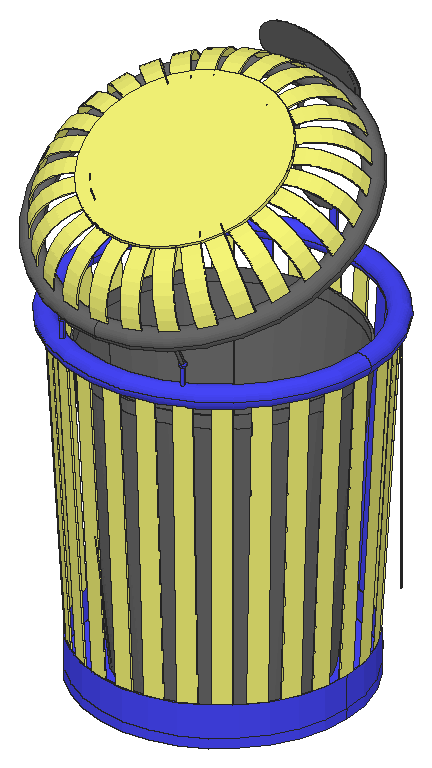
Revit family "FS_Урна_Миньон_R16", category Антураж, Revit 2016
Family settings
  На основе рабочей плоскости = Нет
  Всегда вертикально = Да
  При загрузке вырезать с полостями = Нет
  Источник визуального образа = Геометрия семейства
  Общий = Нет
  Точка расчета площади = Нет
Parameters (values of type "Урна «Миньон»")
  Стоимость = 21100
  Материал_Темный = FS_Краска черная
  Материал_Синий = FS_Краска синяя
  Материал_Основной = FS_Краска желтая
  Материал_Красный = FS_Краска красная
  Материал_Белый = FS_Краска белая
  Комментарии к типоразмеру = "Материал: сталь"  # constant formula
  Изготовитель = "ООО 'Хоббика'"  # constant formula
  Высота = 882 mm  # constant formula
  URL = "https://hobbyka.ru/product/urna_dlya_detskikh_ploshchadok_minyen/?sphrase_id=95739#close_popup_window"
  ADSK_Наименование = "Урна «Миньон»"
  ADSK_Код изделия = "10073"  # constant formula
Reference planes
  plane 1 "По центру (Вперед/Назад)": y = 0
  plane 2: z = 0
  plane 3 "По центру (Влево/Вправо)": x = 0
  plane 4: z = 40
  plane 5: z = 90
  plane 6: z = 553
  plane 7 "1": z = 585
  plane 8: x = -75
  plane 9: x = 75
  plane 10 "Крышка": through (4267.2, -290, 628.887) normal (0, -0.4226, 0.9063)
  plane 11 "555": y = 234.373
Forms (mm)
  Revolve 1, solid, material "FS_Краска синяя" <- "Материал_Синий"
    sketch origin (0, 0, 0) x (1, 0, 0) y (0, 0, 1)
      loop
        line (0, 40) -> (208, 40) -> (208, 25) -> (210, 25) -> (210, 40) -> (210, 90) -> (208, 90) -> (208, 42) -> (0, 42) -> (0, 40)
      axis (0, 90) -> (0, 25)
    angle from 0 to 360
  Revolve 2, solid, material "FS_Краска синяя" <- "Материал_Синий"
    sketch origin (0, 0, 0) x (1, 0, 0) y (0, 0, 1)
      loop
        circle (-234, 569) r 16
      axis (0, 569) -> (0, 568)
    angle from 0 to 360
  Sweep 3, solid, material "FS_Краска желтая" <- "Материал_Основной"
    path origin (0, 0, 0) x (1, 0, 0) y (0, 0, 1)
      loop
        arc (234, 553) -> (229.123, 321.028) -> (208, 89.967) r 3308.531
    profile origin (229.123, 0, 321.028) x (0.998427, 0, -0.056063) y (0, -1, 0)
      loop
        line (-1, 14) -> (-1, -14) -> (0, -14) -> (0, 14) -> (-1, 14)
  Sweep 4, solid, material "FS_Краска желтая" <- "Материал_Основной"
    path origin (0, 0, 0) x (0.974928, -0.222521, 0) y (0, 0, 1)
      loop
        arc (234, 553) -> (229.123, 321.028) -> (208, 89.967) r 3308.531
    profile origin (223.378, -50.985, 321.028) x (0.973395, -0.222171, -0.056063) y (-0.222521, -0.974928, 0)
      loop
        line (-1, 14) -> (-1, -14) -> (0, -14) -> (0, 14) -> (-1, 14)
  Sweep 5, solid, material "FS_Краска желтая" <- "Материал_Основной"
    path origin (0, 0, 0) x (0.974928, 0.222521, 0) y (0, 0, 1)
      loop
        arc (234, 553) -> (229.123, 321.028) -> (208, 89.967) r 3308.531
    profile origin (223.378, 50.985, 321.028) x (0.973395, 0.222171, -0.056063) y (0.222521, -0.974928, 0)
      loop
        line (-1, 14) -> (-1, -14) -> (0, -14) -> (0, 14) -> (-1, 14)
  Sweep 6, solid, material "FS_Краска желтая" <- "Материал_Основной"
    path origin (0, 0, 0) x (0.900969, 0.433884, 0) y (0, 0, 1)
      loop
        arc (234, 553) -> (229.123, 321.028) -> (208, 89.967) r 3308.531
    profile origin (206.433, 99.413, 321.028) x (0.899552, 0.433201, -0.056063) y (0.433884, -0.900969, 0)
      loop
        line (-1, 14) -> (-1, -14) -> (0, -14) -> (0, 14) -> (-1, 14)
  Sweep 7, solid, material "FS_Краска желтая" <- "Материал_Основной"
    path origin (0, 0, 0) x (0.781831, 0.62349, 0) y (0, 0, 1)
      loop
        arc (234, 553) -> (229.123, 321.028) -> (208, 89.967) r 3308.531
    profile origin (179.136, 142.856, 321.028) x (0.780602, 0.622509, -0.056063) y (0.62349, -0.781831, 0)
      loop
        line (-1, 14) -> (-1, -14) -> (0, -14) -> (0, 14) -> (-1, 14)
  Sweep 8, solid, material "FS_Краска желтая" <- "Материал_Основной"
    path origin (0, 0, 0) x (0.62349, 0.781831, 0) y (0, 0, 1)
      loop
        arc (234, 553) -> (229.123, 321.028) -> (208, 89.967) r 3308.531
    profile origin (142.856, 179.136, 321.028) x (0.622509, 0.780602, -0.056063) y (0.781831, -0.62349, 0)
      loop
        line (-1, 14) -> (-1, -14) -> (0, -14) -> (0, 14) -> (-1, 14)
  Sweep 9, solid, material "FS_Краска синяя" <- "Материал_Синий"
    path origin (0, 0, 0) x (0.433884, 0.900969, 0) y (0, 0, 1)
      loop
        arc (234, 553) -> (229.123, 321.028) -> (208, 89.967) r 3308.531
    profile origin (99.413, 206.433, 321.028) x (0.433201, 0.899552, -0.056063) y (0.900969, -0.433884, 0)
      loop
        line (-1, 14) -> (-1, -14) -> (0, -14) -> (0, 14) -> (-1, 14)
  Sweep 10, solid, material "FS_Краска желтая" <- "Материал_Основной"
    path origin (0, 0, 0) x (0.222521, 0.974928, 0) y (0, 0, 1)
      loop
        arc (234, 553) -> (229.123, 321.028) -> (208, 89.967) r 3308.531
    profile origin (50.985, 223.378, 321.028) x (0.222171, 0.973395, -0.056063) y (0.974928, -0.222521, 0)
      loop
        line (-1, 14) -> (-1, -14) -> (0, -14) -> (0, 14) -> (-1, 14)
  Sweep 11, solid, material "FS_Краска желтая" <- "Материал_Основной"
    path origin (0, 0, 0) x (0, 1, 0) y (0, 0, 1)
      loop
        arc (234, 553) -> (229.123, 321.028) -> (208, 89.967) r 3308.531
    profile origin (0, 229.123, 321.028) x (0, 0.998427, -0.056063) y (1, 0, 0)
      loop
        line (-1, 14) -> (-1, -14) -> (0, -14) -> (0, 14) -> (-1, 14)
  Sweep 12, solid, material "FS_Краска желтая" <- "Материал_Основной"
    path origin (0, 0, 0) x (-0.222521, 0.974928, 0) y (0, 0, 1)
      loop
        arc (234, 553) -> (229.123, 321.028) -> (208, 89.967) r 3308.531
    profile origin (-50.985, 223.378, 321.028) x (-0.222171, 0.973395, -0.056063) y (0.974928, 0.222521, 0)
      loop
        line (-1, 14) -> (-1, -14) -> (0, -14) -> (0, 14) -> (-1, 14)
  Sweep 13, solid, material "FS_Краска синяя" <- "Материал_Синий"
    path origin (0, 0, 0) x (-0.433884, 0.900969, 0) y (0, 0, 1)
      loop
        arc (234, 553) -> (229.123, 321.028) -> (208, 89.967) r 3308.531
    profile origin (-99.413, 206.433, 321.028) x (-0.433201, 0.899552, -0.056063) y (0.900969, 0.433884, 0)
      loop
        line (-1, 14) -> (-1, -14) -> (0, -14) -> (0, 14) -> (-1, 14)
  Sweep 14, solid, material "FS_Краска желтая" <- "Материал_Основной"
    path origin (0, 0, 0) x (-0.62349, 0.781831, 0) y (0, 0, 1)
      loop
        arc (234, 553) -> (229.123, 321.028) -> (208, 89.967) r 3308.531
    profile origin (-142.856, 179.136, 321.028) x (-0.622509, 0.780602, -0.056063) y (0.781831, 0.62349, 0)
      loop
        line (-1, 14) -> (-1, -14) -> (0, -14) -> (0, 14) -> (-1, 14)
  Sweep 15, solid, material "FS_Краска желтая" <- "Материал_Основной"
    path origin (0, 0, 0) x (-0.781831, 0.62349, 0) y (0, 0, 1)
      loop
        arc (234, 553) -> (229.123, 321.028) -> (208, 89.967) r 3308.531
    profile origin (-179.136, 142.856, 321.028) x (-0.780602, 0.622509, -0.056063) y (0.62349, 0.781831, 0)
      loop
        line (-1, 14) -> (-1, -14) -> (0, -14) -> (0, 14) -> (-1, 14)
  Sweep 16, solid, material "FS_Краска желтая" <- "Материал_Основной"
    path origin (0, 0, 0) x (-0.900969, 0.433884, 0) y (0, 0, 1)
      loop
        arc (234, 553) -> (229.123, 321.028) -> (208, 89.967) r 3308.531
    profile origin (-206.433, 99.413, 321.028) x (-0.899552, 0.433201, -0.056063) y (0.433884, 0.900969, 0)
      loop
        line (-1, 14) -> (-1, -14) -> (0, -14) -> (0, 14) -> (-1, 14)
  Sweep 17, solid, material "FS_Краска желтая" <- "Материал_Основной"
    path origin (0, 0, 0) x (-0.974928, 0.222521, 0) y (0, 0, 1)
      loop
        arc (234, 553) -> (229.123, 321.028) -> (208, 89.967) r 3308.531
    profile origin (-223.378, 50.985, 321.028) x (-0.973395, 0.222171, -0.056063) y (0.222521, 0.974928, 0)
      loop
        line (-1, 14) -> (-1, -14) -> (0, -14) -> (0, 14) -> (-1, 14)
  Sweep 18, solid, material "FS_Краска желтая" <- "Материал_Основной"
    path origin (0, 0, 0) x (-1, 0, 0) y (0, 0, 1)
      loop
        arc (234, 553) -> (229.123, 321.028) -> (208, 89.967) r 3308.531
    profile origin (-229.123, 0, 321.028) x (-0.998427, 0, -0.056063) y (0, 1, 0)
      loop
        line (-1, 14) -> (-1, -14) -> (0, -14) -> (0, 14) -> (-1, 14)
  Sweep 19, solid, material "FS_Краска желтая" <- "Материал_Основной"
    path origin (0, 0, 0) x (-0.974928, -0.222521, 0) y (0, 0, 1)
      loop
        arc (234, 553) -> (229.123, 321.028) -> (208, 89.967) r 3308.531
    profile origin (-223.378, -50.985, 321.028) x (-0.973395, -0.222171, -0.056063) y (-0.222521, 0.974928, 0)
      loop
        line (-1, 14) -> (-1, -14) -> (0, -14) -> (0, 14) -> (-1, 14)
  Sweep 20, solid, material "FS_Краска желтая" <- "Материал_Основной"
    path origin (0, 0, 0) x (-0.900969, -0.433884, 0) y (0, 0, 1)
      loop
        arc (234, 553) -> (229.123, 321.028) -> (208, 89.967) r 3308.531
    profile origin (-206.433, -99.413, 321.028) x (-0.899552, -0.433201, -0.056063) y (-0.433884, 0.900969, 0)
      loop
        line (-1, 14) -> (-1, -14) -> (0, -14) -> (0, 14) -> (-1, 14)
  Sweep 21, solid, material "FS_Краска желтая" <- "Материал_Основной"
    path origin (0, 0, 0) x (-0.781831, -0.62349, 0) y (0, 0, 1)
      loop
        arc (234, 553) -> (229.123, 321.028) -> (208, 89.967) r 3308.531
    profile origin (-179.136, -142.856, 321.028) x (-0.780602, -0.622509, -0.056063) y (-0.62349, 0.781831, 0)
      loop
        line (-1, 14) -> (-1, -14) -> (0, -14) -> (0, 14) -> (-1, 14)
  Sweep 22, solid, material "FS_Краска желтая" <- "Материал_Основной"
    path origin (0, 0, 0) x (-0.62349, -0.781831, 0) y (0, 0, 1)
      loop
        arc (234, 553) -> (229.123, 321.028) -> (208, 89.967) r 3308.531
    profile origin (-142.856, -179.136, 321.028) x (-0.622509, -0.780602, -0.056063) y (-0.781831, 0.62349, 0)
      loop
        line (-1, 14) -> (-1, -14) -> (0, -14) -> (0, 14) -> (-1, 14)
  Sweep 23, solid, material "FS_Краска желтая" <- "Материал_Основной"
    path origin (0, 0, 0) x (-0.433884, -0.900969, 0) y (0, 0, 1)
      loop
        arc (234, 553) -> (229.123, 321.028) -> (208, 89.967) r 3308.531
    profile origin (-99.413, -206.433, 321.028) x (-0.433201, -0.899552, -0.056063) y (-0.900969, 0.433884, 0)
      loop
        line (-1, 14) -> (-1, -14) -> (0, -14) -> (0, 14) -> (-1, 14)
  Sweep 24, solid, material "FS_Краска желтая" <- "Материал_Основной"
    path origin (0, 0, 0) x (-0.222521, -0.974928, 0) y (0, 0, 1)
      loop
        arc (234, 553) -> (229.123, 321.028) -> (208, 89.967) r 3308.531
    profile origin (-50.985, -223.378, 321.028) x (-0.222171, -0.973395, -0.056063) y (-0.974928, 0.222521, 0)
      loop
        line (-1, 14) -> (-1, -14) -> (0, -14) -> (0, 14) -> (-1, 14)
  Sweep 25, solid, material "FS_Краска желтая" <- "Материал_Основной"
    path origin (0, 0, 0) x (0, -1, 0) y (0, 0, 1)
      loop
        arc (234, 553) -> (229.123, 321.028) -> (208, 89.967) r 3308.531
    profile origin (0, -229.123, 321.028) x (0, -0.998427, -0.056063) y (-1, 0, 0)
      loop
        line (-1, 14) -> (-1, -14) -> (0, -14) -> (0, 14) -> (-1, 14)
  Sweep 26, solid, material "FS_Краска желтая" <- "Материал_Основной"
    path origin (0, 0, 0) x (0.222521, -0.974928, 0) y (0, 0, 1)
      loop
        arc (234, 553) -> (229.123, 321.028) -> (208, 89.967) r 3308.531
    profile origin (50.985, -223.378, 321.028) x (0.222171, -0.973395, -0.056063) y (-0.974928, -0.222521, 0)
      loop
        line (-1, 14) -> (-1, -14) -> (0, -14) -> (0, 14) -> (-1, 14)
  Sweep 27, solid, material "FS_Краска желтая" <- "Материал_Основной"
    path origin (0, 0, 0) x (0.433884, -0.900969, 0) y (0, 0, 1)
      loop
        arc (234, 553) -> (229.123, 321.028) -> (208, 89.967) r 3308.531
    profile origin (99.413, -206.433, 321.028) x (0.433201, -0.899552, -0.056063) y (-0.900969, -0.433884, 0)
      loop
        line (-1, 14) -> (-1, -14) -> (0, -14) -> (0, 14) -> (-1, 14)
  Sweep 28, solid, material "FS_Краска желтая" <- "Материал_Основной"
    path origin (0, 0, 0) x (0.62349, -0.781831, 0) y (0, 0, 1)
      loop
        arc (234, 553) -> (229.123, 321.028) -> (208, 89.967) r 3308.531
    profile origin (142.856, -179.136, 321.028) x (0.622509, -0.780602, -0.056063) y (-0.781831, -0.62349, 0)
      loop
        line (-1, 14) -> (-1, -14) -> (0, -14) -> (0, 14) -> (-1, 14)
  Sweep 29, solid, material "FS_Краска желтая" <- "Материал_Основной"
    path origin (0, 0, 0) x (0.781831, -0.62349, 0) y (0, 0, 1)
      loop
        arc (234, 553) -> (229.123, 321.028) -> (208, 89.967) r 3308.531
    profile origin (179.136, -142.856, 321.028) x (0.780602, -0.622509, -0.056063) y (-0.62349, -0.781831, 0)
      loop
        line (-1, 14) -> (-1, -14) -> (0, -14) -> (0, 14) -> (-1, 14)
  Sweep 30, solid, material "FS_Краска желтая" <- "Материал_Основной"
    path origin (0, 0, 0) x (0.900969, -0.433884, 0) y (0, 0, 1)
      loop
        arc (234, 553) -> (229.123, 321.028) -> (208, 89.967) r 3308.531
    profile origin (206.433, -99.413, 321.028) x (0.899552, -0.433201, -0.056063) y (-0.433884, -0.900969, 0)
      loop
        line (-1, 14) -> (-1, -14) -> (0, -14) -> (0, 14) -> (-1, 14)
  Revolve 31, solid, material "FS_Краска черная" <- "Материал_Темный"
    sketch origin (0, 0, 0) x (1, 0, 0) y (0, 0, 1)
      loop
        line (150, 42) -> (200, 502) -> (200, 522) -> (198, 522) -> (198, 502.108) -> (148.206, 44) -> (0, 44) -> (0, 42) -> (150, 42)
      axis (0, 522) -> (0, 42)
    angle from 0 to 360
  Extrusion 32, solid, material "FS_Краска синяя" <- "Материал_Синий"
    sketch origin (75, 1296.25, 1200) x (0, 1, 0) y (0, 0, 1)
      loop
        line (-1386.25, -1200) -> (-1206.25, -1200) -> (-1206.25, -1160) -> (-1386.25, -1160) -> (-1386.25, -1200)
      loop
        line (-1384.25, -1162) -> (-1384.25, -1198) -> (-1297.25, -1198) -> (-1297.25, -1162) -> (-1384.25, -1162)
      loop
        line (-1208.25, -1162) -> (-1295.25, -1162) -> (-1295.25, -1198) -> (-1208.25, -1198) -> (-1208.25, -1162)
    from 0 to 50
  Extrusion 33, solid, material "FS_Краска синяя" <- "Материал_Синий"
    sketch origin (-75, 1296.25, 1200) x (0, 1, 0) y (0, 0, -1)
      loop
        line (-1386.25, 1200) -> (-1386.25, 1160) -> (-1206.25, 1160) -> (-1206.25, 1200) -> (-1386.25, 1200)
      loop
        line (-1384.25, 1162) -> (-1297.25, 1162) -> (-1297.25, 1198) -> (-1384.25, 1198) -> (-1384.25, 1162)
      loop
        line (-1208.25, 1162) -> (-1208.25, 1198) -> (-1295.25, 1198) -> (-1295.25, 1162) -> (-1208.25, 1162)
    from 0 to 50
  Extrusion 34, solid, material "FS_Краска синяя" <- "Материал_Синий"
    sketch origin (0, 0, 585) x (-1, 0, 0) y (0, -1, 0)
      loop
        circle (101.529, 210.827) r 3
      loop
        circle (-101.529, 210.827) r 3
    from 0 to 30
  Extrusion 35, solid, material "FS_Краска черная" <- "Материал_Темный"
    sketch origin (0, 0, 0) x (0, 1, 0) y (0, 0, 1)
      loop
        arc (232.181, 631.406) -> (161.752, 717.672) -> (180.113, 827.513) r 135
        arc (180.113, 827.513) -> (178.746, 834.45) -> (171.808, 833.083) r 5
        arc (171.808, 833.083) -> (152.087, 715.106) -> (227.733, 622.45) r 145
        arc (227.733, 622.45) -> (234.436, 624.704) -> (232.181, 631.406) r 5
    from -1 to 1
  Revolve 36, solid, material "FS_Краска синяя" <- "Материал_Синий"
    sketch origin (0, 0, 615) x (-1, 0, 0) y (0, -1, 0)
      loop
        line (101.529, 205.827) -> (101.529, 215.827)
        arc (101.529, 215.827) -> (96.529, 210.827) -> (101.529, 205.827) r 5
      axis (101.529, 205.827) -> (101.529, 215.827)
    angle from 0 to 360
  Revolve 37, solid, material "FS_Краска синяя" <- "Материал_Синий"
    sketch origin (0, 0, 615) x (-1, 0, 0) y (0, -1, 0)
      loop
        arc (-101.529, 205.827) -> (-96.529, 210.827) -> (-101.529, 215.827) r 5
        line (-101.529, 215.827) -> (-101.529, 205.827)
      axis (-101.529, 205.827) -> (-101.529, 215.827)
    angle from 0 to 360
  Sweep 38, solid, material "FS_Краска синяя" <- "Материал_Синий"
    path origin (0, 1.25, 0.022) x (0, 1, 0) y (0, 0, 1)
      loop
        arc (230.574, 348.986) -> (221.832, 219.255) -> (208, 89.967) r 3308.531
    profile origin (0, 223.082, 219.277) x (0, 0.996224, -0.086824) y (1, 0, 0)
      loop
        line (-25.872, 109.879) -> (-27, 109.879)
        arc (-27, 109.879) -> (0, 0) -> (-27, -109.879) r 237.081
        line (-27, -109.879) -> (-25.872, -109.879)
        arc (-25.872, -109.879) -> (1, 0) -> (-25.872, 109.879) r 238.081
  Extrusion 39, solid, material "FS_Краска синяя" <- "Материал_Синий"
    sketch origin (0, 0, 585) x (-1, 0, 0) y (0, -1, 0)
      loop
        circle (0, -234.373) r 5
    from 0 to 40
Dimensions and locks
  plane 3 "По центру (Влево/Вправо)" to Revolve 2 sketch curve = 234 mm
  aligned and locked: level to plane 2
Nested families
  nested 1: "FS_Урна_Миньон_Крышка" at (0, -34.718, 737.202) x (-1, 0, 0) z (0, -0.4226, 0.9063), type "FS_Урна_Миньон_Крышка"
  nested 2: "FS_Урна_Миньон_Нога" at (-44.703, 205.294, 0) x (0.9816, 0.1908, 0) z (-0.1908, 0.9816, 0), type "FS_Урна_Миньон_Нога"
  nested 3: "FS_Урна_Миньон_Нога" at (44.703, 205.294, 0) x (-0.9816, 0.1908, 0) z (0.1908, 0.9816, 0), type "FS_Урна_Миньон_Нога"
  nested 4: "FS_Урна_Миньон_Рука" at (-181.843, 147.807, 368) x (-0.6235, -0.7818, 0) z (-0.7818, 0.6235, 0), type "FS_Урна_Миньон_Рука"
  nested 5: "FS_Урна_Миньон_Рука" at (182.241, 147.308, 368) x (-0.6235, 0.7818, 0) z (0.7818, 0.6235, 0), type "FS_Урна_Миньон_Рука"
  nested 6: "FS_Урна_Миньон_Рот" at (0, 234.373, 428) x (-1, 0, 0) z (0, 1, 0), type "FS_Урна_Миньон_Рот"
Definition of nested family "FS_Урна_Миньон_Крышка"
  Parameters (values of type "FS_Урна_Миньон_Крышка")
    Default Elevation = 1219.2 mm
    Материал_Темный = none
    Материал_Основной = none
    Материал_Белый = none
  Reference planes
    plane 1 "По центру (Вперед/Назад)": y = 0
    plane 2: z = 0
    plane 3 "По центру (Влево/Вправо)": x = 0
    plane 4: z = 32
    plane 5 "1": z = 102
    plane 6 "2": y = -250
  Forms (mm)
    Revolve 1, solid, material <- "Материал_Темный"
      sketch origin (0, 0, 0) x (0, 1, 0) y (0, 0, 1)
        loop
          circle (-234, 16) r 16
        axis (0, 16) -> (0, 17)
      angle from 0 to 360
    Extrusion 2, solid, material <- "Материал_Основной"
      sketch origin (0, 0, 102) x (0, -1, 0) y (1, 0, 0)
        loop
          circle (0, 0) r 150
      from 0 to 4
    Sweep 3, solid, material <- "Материал_Основной"
      path origin (0, 0, 0) x (0, 1, 0) y (0, 0, 1)
        loop
          line (130, 102) -> (150, 102)
          arc (150, 102) -> (204.672, 82.206) -> (234, 32) r 85.4
      profile origin (0, 204.672, 82.206) x (0, 0.640184, 0.768221) y (1, 0, 0)
        loop
          line (0, 14) -> (-1, 14) -> (-1, -14) -> (0, -14) -> (0, 14)
    Sweep 4, solid, material <- "Материал_Основной"
      path origin (0, 0, 0) x (0.222521, 0.974928, 0) y (0, 0, 1)
        loop
          line (130, 102) -> (150, 102)
          arc (150, 102) -> (204.672, 82.206) -> (234, 32) r 85.4
      profile origin (45.544, 199.54, 82.206) x (0.142454, 0.624134, 0.768221) y (0.974928, -0.222521, 0)
        loop
          line (0, 14) -> (-1, 14) -> (-1, -14) -> (0, -14) -> (0, 14)
    Sweep 5, solid, material <- "Материал_Основной"
      path origin (0, 0, 0) x (-0.222521, 0.974928, 0) y (0, 0, 1)
        loop
          line (130, 102) -> (150, 102)
          arc (150, 102) -> (204.672, 82.206) -> (234, 32) r 85.4
      profile origin (-45.544, 199.54, 82.206) x (-0.142454, 0.624134, 0.768221) y (0.974928, 0.222521, 0)
        loop
          line (0, 14) -> (-1, 14) -> (-1, -14) -> (0, -14) -> (0, 14)
    Sweep 6, solid, material <- "Материал_Основной"
      path origin (0, 0, 0) x (-0.433884, 0.900969, 0) y (0, 0, 1)
        loop
          line (130, 102) -> (150, 102)
          arc (150, 102) -> (204.672, 82.206) -> (234, 32) r 85.4
      profile origin (-88.804, 184.403, 82.206) x (-0.277766, 0.576786, 0.768221) y (0.900969, 0.433884, 0)
        loop
          line (0, 14) -> (-1, 14) -> (-1, -14) -> (0, -14) -> (0, 14)
    Sweep 7, solid, material <- "Материал_Основной"
      path origin (0, 0, 0) x (-0.62349, 0.781831, 0) y (0, 0, 1)
        loop
          line (130, 102) -> (150, 102)
          arc (150, 102) -> (204.672, 82.206) -> (234, 32) r 85.4
      profile origin (-127.611, 160.019, 82.206) x (-0.399148, 0.500516, 0.768221) y (0.781831, 0.62349, 0)
        loop
          line (0, 14) -> (-1, 14) -> (-1, -14) -> (0, -14) -> (0, 14)
    Sweep 8, solid, material <- "Материал_Основной"
      path origin (0, 0, 0) x (-0.781831, 0.62349, 0) y (0, 0, 1)
        loop
          line (130, 102) -> (150, 102)
          arc (150, 102) -> (204.672, 82.206) -> (234, 32) r 85.4
      profile origin (-160.019, 127.611, 82.206) x (-0.500516, 0.399148, 0.768221) y (0.62349, 0.781831, 0)
        loop
          line (0, 14) -> (-1, 14) -> (-1, -14) -> (0, -14) -> (0, 14)
    Sweep 9, solid, material <- "Материал_Основной"
      path origin (0, 0, 0) x (-0.900969, 0.433884, 0) y (0, 0, 1)
        loop
          line (130, 102) -> (150, 102)
          arc (150, 102) -> (204.672, 82.206) -> (234, 32) r 85.4
      profile origin (-184.403, 88.804, 82.206) x (-0.576786, 0.277766, 0.768221) y (0.433884, 0.900969, 0)
        loop
          line (0, 14) -> (-1, 14) -> (-1, -14) -> (0, -14) -> (0, 14)
    Sweep 10, solid, material <- "Материал_Основной"
      path origin (0, 0, 0) x (-0.974928, 0.222521, 0) y (0, 0, 1)
        loop
          line (130, 102) -> (150, 102)
          arc (150, 102) -> (204.672, 82.206) -> (234, 32) r 85.4
      profile origin (-199.54, 45.544, 82.206) x (-0.624134, 0.142454, 0.768221) y (0.222521, 0.974928, 0)
        loop
          line (0, 14) -> (-1, 14) -> (-1, -14) -> (0, -14) -> (0, 14)
    Sweep 11, solid, material <- "Материал_Основной"
      path origin (0, 0, 0) x (-1, 0, 0) y (0, 0, 1)
        loop
          line (130, 102) -> (150, 102)
          arc (150, 102) -> (204.672, 82.206) -> (234, 32) r 85.4
      profile origin (-204.672, 0, 82.206) x (-0.640184, 0, 0.768221) y (0, 1, 0)
        loop
          line (0, 14) -> (-1, 14) -> (-1, -14) -> (0, -14) -> (0, 14)
    Sweep 12, solid, material <- "Материал_Основной"
      path origin (0, 0, 0) x (-0.974928, -0.222521, 0) y (0, 0, 1)
        loop
          line (130, 102) -> (150, 102)
          arc (150, 102) -> (204.672, 82.206) -> (234, 32) r 85.4
      profile origin (-199.54, -45.544, 82.206) x (-0.624134, -0.142454, 0.768221) y (-0.222521, 0.974928, 0)
        loop
          line (0, 14) -> (-1, 14) -> (-1, -14) -> (0, -14) -> (0, 14)
    Sweep 13, solid, material <- "Материал_Основной"
      path origin (0, 0, 0) x (-0.900969, -0.433884, 0) y (0, 0, 1)
        loop
          line (130, 102) -> (150, 102)
          arc (150, 102) -> (204.672, 82.206) -> (234, 32) r 85.4
      profile origin (-184.403, -88.804, 82.206) x (-0.576786, -0.277766, 0.768221) y (-0.433884, 0.900969, 0)
        loop
          line (0, 14) -> (-1, 14) -> (-1, -14) -> (0, -14) -> (0, 14)
    Sweep 14, solid, material <- "Материал_Основной"
      path origin (0, 0, 0) x (-0.781831, -0.62349, 0) y (0, 0, 1)
        loop
          line (130, 102) -> (150, 102)
          arc (150, 102) -> (204.672, 82.206) -> (234, 32) r 85.4
      profile origin (-160.019, -127.611, 82.206) x (-0.500516, -0.399148, 0.768221) y (-0.62349, 0.781831, 0)
        loop
          line (0, 14) -> (-1, 14) -> (-1, -14) -> (0, -14) -> (0, 14)
    Sweep 15, solid, material <- "Материал_Основной"
      path origin (0, 0, 0) x (-0.62349, -0.781831, 0) y (0, 0, 1)
        loop
          line (130, 102) -> (150, 102)
          arc (150, 102) -> (204.672, 82.206) -> (234, 32) r 85.4
      profile origin (-127.611, -160.019, 82.206) x (-0.399148, -0.500516, 0.768221) y (-0.781831, 0.62349, 0)
        loop
          line (0, 14) -> (-1, 14) -> (-1, -14) -> (0, -14) -> (0, 14)
    Sweep 16, solid, material <- "Материал_Основной"
      path origin (0, 0, 0) x (-0.433884, -0.900969, 0) y (0, 0, 1)
        loop
          line (130, 102) -> (150, 102)
          arc (150, 102) -> (204.672, 82.206) -> (234, 32) r 85.4
      profile origin (-88.804, -184.403, 82.206) x (-0.277766, -0.576786, 0.768221) y (-0.900969, 0.433884, 0)
        loop
          line (0, 14) -> (-1, 14) -> (-1, -14) -> (0, -14) -> (0, 14)
    Sweep 17, solid, material <- "Материал_Основной"
      path origin (0, 0, 0) x (-0.222521, -0.974928, 0) y (0, 0, 1)
        loop
          line (130, 102) -> (150, 102)
          arc (150, 102) -> (204.672, 82.206) -> (234, 32) r 85.4
      profile origin (-45.544, -199.54, 82.206) x (-0.142454, -0.624134, 0.768221) y (-0.974928, 0.222521, 0)
        loop
          line (0, 14) -> (-1, 14) -> (-1, -14) -> (0, -14) -> (0, 14)
    Sweep 18, solid, material <- "Материал_Основной"
      path origin (0, 0, 0) x (0, -1, 0) y (0, 0, 1)
        loop
          line (130, 102) -> (150, 102)
          arc (150, 102) -> (204.672, 82.206) -> (234, 32) r 85.4
      profile origin (0, -204.672, 82.206) x (0, -0.640184, 0.768221) y (-1, 0, 0)
        loop
          line (0, 14) -> (-1, 14) -> (-1, -14) -> (0, -14) -> (0, 14)
    Sweep 19, solid, material <- "Материал_Основной"
      path origin (0, 0, 0) x (0.222521, -0.974928, 0) y (0, 0, 1)
        loop
          line (130, 102) -> (150, 102)
          arc (150, 102) -> (204.672, 82.206) -> (234, 32) r 85.4
      profile origin (45.544, -199.54, 82.206) x (0.142454, -0.624134, 0.768221) y (-0.974928, -0.222521, 0)
        loop
          line (0, 14) -> (-1, 14) -> (-1, -14) -> (0, -14) -> (0, 14)
    Sweep 20, solid, material <- "Материал_Основной"
      path origin (0, 0, 0) x (0.433884, -0.900969, 0) y (0, 0, 1)
        loop
          line (130, 102) -> (150, 102)
          arc (150, 102) -> (204.672, 82.206) -> (234, 32) r 85.4
      profile origin (88.804, -184.403, 82.206) x (0.277766, -0.576786, 0.768221) y (-0.900969, -0.433884, 0)
        loop
          line (0, 14) -> (-1, 14) -> (-1, -14) -> (0, -14) -> (0, 14)
    Sweep 21, solid, material <- "Материал_Основной"
      path origin (0, 0, 0) x (0.62349, -0.781831, 0) y (0, 0, 1)
        loop
          line (130, 102) -> (150, 102)
          arc (150, 102) -> (204.672, 82.206) -> (234, 32) r 85.4
      profile origin (127.611, -160.019, 82.206) x (0.399148, -0.500516, 0.768221) y (-0.781831, -0.62349, 0)
        loop
          line (0, 14) -> (-1, 14) -> (-1, -14) -> (0, -14) -> (0, 14)
    Sweep 22, solid, material <- "Материал_Основной"
      path origin (0, 0, 0) x (0.781831, -0.62349, 0) y (0, 0, 1)
        loop
          line (130, 102) -> (150, 102)
          arc (150, 102) -> (204.672, 82.206) -> (234, 32) r 85.4
      profile origin (160.019, -127.611, 82.206) x (0.500516, -0.399148, 0.768221) y (-0.62349, -0.781831, 0)
        loop
          line (0, 14) -> (-1, 14) -> (-1, -14) -> (0, -14) -> (0, 14)
    Sweep 23, solid, material <- "Материал_Основной"
      path origin (0, 0, 0) x (0.900969, -0.433884, 0) y (0, 0, 1)
        loop
          line (130, 102) -> (150, 102)
          arc (150, 102) -> (204.672, 82.206) -> (234, 32) r 85.4
      profile origin (184.403, -88.804, 82.206) x (0.576786, -0.277766, 0.768221) y (-0.433884, -0.900969, 0)
        loop
          line (0, 14) -> (-1, 14) -> (-1, -14) -> (0, -14) -> (0, 14)
    Sweep 24, solid, material <- "Материал_Основной"
      path origin (0, 0, 0) x (0.974928, -0.222521, 0) y (0, 0, 1)
        loop
          line (130, 102) -> (150, 102)
          arc (150, 102) -> (204.672, 82.206) -> (234, 32) r 85.4
      profile origin (199.54, -45.544, 82.206) x (0.624134, -0.142454, 0.768221) y (-0.222521, -0.974928, 0)
        loop
          line (0, 14) -> (-1, 14) -> (-1, -14) -> (0, -14) -> (0, 14)
    Sweep 25, solid, material <- "Материал_Основной"
      path origin (0, 0, 0) x (1, 0, 0) y (0, 0, 1)
        loop
          line (130, 102) -> (150, 102)
          arc (150, 102) -> (204.672, 82.206) -> (234, 32) r 85.4
      profile origin (204.672, 0, 82.206) x (0.640184, 0, 0.768221) y (0, -1, 0)
        loop
          line (0, 14) -> (-1, 14) -> (-1, -14) -> (0, -14) -> (0, 14)
    Sweep 26, solid, material <- "Материал_Основной"
      path origin (0, 0, 0) x (0.974928, 0.222521, 0) y (0, 0, 1)
        loop
          line (130, 102) -> (150, 102)
          arc (150, 102) -> (204.672, 82.206) -> (234, 32) r 85.4
      profile origin (199.54, 45.544, 82.206) x (0.624134, 0.142454, 0.768221) y (0.222521, -0.974928, 0)
        loop
          line (0, 14) -> (-1, 14) -> (-1, -14) -> (0, -14) -> (0, 14)
    Sweep 27, solid, material <- "Материал_Основной"
      path origin (0, 0, 0) x (0.900969, 0.433884, 0) y (0, 0, 1)
        loop
          line (130, 102) -> (150, 102)
          arc (150, 102) -> (204.672, 82.206) -> (234, 32) r 85.4
      profile origin (184.403, 88.804, 82.206) x (0.576786, 0.277766, 0.768221) y (0.433884, -0.900969, 0)
        loop
          line (0, 14) -> (-1, 14) -> (-1, -14) -> (0, -14) -> (0, 14)
    Sweep 28, solid, material <- "Материал_Основной"
      path origin (0, 0, 0) x (0.781831, 0.62349, 0) y (0, 0, 1)
        loop
          line (130, 102) -> (150, 102)
          arc (150, 102) -> (204.672, 82.206) -> (234, 32) r 85.4
      profile origin (160.019, 127.611, 82.206) x (0.500516, 0.399148, 0.768221) y (0.62349, -0.781831, 0)
        loop
          line (0, 14) -> (-1, 14) -> (-1, -14) -> (0, -14) -> (0, 14)
    Sweep 29, solid, material <- "Материал_Основной"
      path origin (0, 0, 0) x (0.62349, 0.781831, 0) y (0, 0, 1)
        loop
          line (130, 102) -> (150, 102)
          arc (150, 102) -> (204.672, 82.206) -> (234, 32) r 85.4
      profile origin (127.611, 160.019, 82.206) x (0.399148, 0.500516, 0.768221) y (0.781831, -0.62349, 0)
        loop
          line (0, 14) -> (-1, 14) -> (-1, -14) -> (0, -14) -> (0, 14)
    Sweep 30, solid, material <- "Материал_Основной"
      path origin (0, 0, 0) x (0.433884, 0.900969, 0) y (0, 0, 1)
        loop
          line (130, 102) -> (150, 102)
          arc (150, 102) -> (204.672, 82.206) -> (234, 32) r 85.4
      profile origin (88.804, 184.403, 82.206) x (0.277766, 0.576786, 0.768221) y (0.900969, -0.433884, 0)
        loop
          line (0, 14) -> (-1, 14) -> (-1, -14) -> (0, -14) -> (0, 14)
    Extrusion 31, solid, material <- "Материал_Темный"
      sketch origin (0, 0, 0) x (1, 0, 0) y (0, 1, 0)
        loop
          circle (-101.529, 210.827) r 3
        loop
          circle (101.529, 210.827) r 3
      from -35 to 0
    Extrusion 32, solid, material <- "Материал_Темный"
      sketch origin (-417.925, -250, 1200) x (-1, 0, 0) y (0, 0, 1)
        loop
          circle (-417.925, -1180) r 80
      from -1 to 0
    Extrusion 33, solid, material <- "Материал_Основной"
      sketch origin (-417.925, -251, 1200) x (1, 0, 0) y (0, 0, 1)
        loop
          arc (489.925, -1180) -> (417.925, -1108) -> (345.925, -1180) r 72
          line (345.925, -1180) -> (489.925, -1180)
      from 0 to 1
    Extrusion 34, solid, material <- "Материал_Белый"
      sketch origin (-417.925, -251, -1160) x (1, 0, 0) y (0, 0, 1)
        loop
          line (489.925, 1180) -> (345.925, 1180)
          arc (345.925, 1180) -> (417.925, 1108) -> (489.925, 1180) r 72
      from 0 to 1
    Extrusion 35, solid, material <- "Материал_Темный"
      sketch origin (-417.925, -252, -1160) x (1, 0, 0) y (0, 0, 1)
        loop
          circle (446.727, 1149.456) r 25
      from 0 to 1
  Dimensions and locks
    aligned and locked: level to plane 2
Definition of nested family "FS_Урна_Миньон_Нога"
  Parameters (values of type "FS_Урна_Миньон_Нога")
    Default Elevation = 1219.2 mm
    Материал_Темный = none
  Reference planes
    plane 1 "По центру (Вперед/Назад)": y = 0
    plane 2: z = 0
    plane 3 "По центру (Влево/Вправо)": x = 0
  Forms (mm)
    Extrusion 1, solid, material <- "Материал_Темный"
      sketch origin (0, 0, 0) x (1, 0, 0) y (0, 1, 0)
        loop
          arc (-40.876, 36.648) -> (-55.541, 33.121) -> (-69.45, 27.288) r 93.763
          arc (-69.45, 27.288) -> (-70.865, 18.403) -> (-69.45, 9.519) r 28.595
          arc (-69.45, 9.519) -> (-66.136, 5.066) -> (-61.195, 2.538) r 12.221
          arc (-61.195, 2.538) -> (-45.929, 0.638) -> (-30.558, 0) r 186.86
          line (-30.558, 0) -> (30.558, 0)
          arc (30.558, 0) -> (36.517, 4.202) -> (40.241, 10.471) r 17.46
          arc (40.241, 10.471) -> (42.154, 27.553) -> (42.464, 44.739) r 183.877
          arc (42.464, 44.739) -> (40.971, 51.417) -> (38.019, 57.589) r 30.311
          line (38.019, 57.589) -> (3.572, 59.493)
          arc (3.572, 59.493) -> (-3.961, 47.474) -> (-4.842, 33.316) r 28.795
          arc (-4.842, 33.316) -> (-22.721, 36.469) -> (-40.876, 36.648) r 110.362
      from 0 to 2
  Dimensions and locks
    aligned and locked: level to plane 2
Definition of nested family "FS_Урна_Миньон_Рука"
  Parameters (values of type "FS_Урна_Миньон_Рука")
    Default Elevation = 1219.2 mm
    Материал_Темный = none
    Материал_Основной = none
  Reference planes
    plane 1 "По центру (Вперед/Назад)": y = 0
    plane 2: z = 0
    plane 3 "По центру (Влево/Вправо)": x = 0
  Forms (mm)
    Extrusion 1, solid, material <- "Материал_Темный"
      sketch origin (0, 0, 0) x (1, 0, 0) y (0, 1, 0)
        loop
          line (19.304, -134.902) -> (19.304, -120.838) -> (-18.696, -120.838) -> (-18.696, -135.343) -> (-52.542, -158.399)
          arc (-52.542, -158.399) -> (-57.583, -170.696) -> (-46.674, -178.286) r 10.62
          line (-46.674, -178.286) -> (-18.696, -163.015)
          arc (-18.696, -163.015) -> (-15.512, -162.525) -> (-13.264, -164.832) r 3.517
          line (-13.264, -164.832) -> (-11.443, -205.389)
          arc (-11.443, -205.389) -> (-8.754, -212.335) -> (-2.688, -216.657) r 12.97
          arc (-2.688, -216.657) -> (8.107, -215.371) -> (15.617, -207.51) r 16.081
          arc (15.617, -207.51) -> (14.275, -202.937) -> (9.913, -201.014) r 5.655
          line (9.913, -201.014) -> (14.158, -162.304)
          arc (14.158, -162.304) -> (15.868, -159.291) -> (19.304, -158.854) r 3.87
          line (19.304, -158.854) -> (50.234, -165.912) -> (53.187, -163.955) -> (60.718, -165.751)
          arc (60.718, -165.751) -> (72.615, -160.357) -> (67.65, -148.274) r 9.407
          line (67.65, -148.274) -> (19.304, -134.902)
      from 0 to 2
    Extrusion 2, solid, material <- "Материал_Основной"
      sketch origin (0, 0, 0) x (1, 0, 0) y (0, 1, 0)
        loop
          line (-18.696, 127.162) -> (-18.696, -120.838) -> (19.304, -120.838) -> (19.304, 127.162)
          arc (19.304, 127.162) -> (0.304, 146.162) -> (-18.696, 127.162) r 19
      from 0 to 2
  Dimensions and locks
    aligned and locked: level to plane 2
Definition of nested family "FS_Урна_Миньон_Рот"
  Parameters (values of type "FS_Урна_Миньон_Рот")
    Default Elevation = 1219.2 mm
    Материал_Красный = none
    Материал_Белый = none
  Reference planes
    plane 1 "По центру (Вперед/Назад)": y = 0
    plane 2: z = 0
    plane 3 "По центру (Влево/Вправо)": x = 0
  Forms (mm)
    Extrusion 1, solid, material <- "Материал_Белый"
      sketch origin (0, 0, 0) x (1, 0, 0) y (0, 1, 0)
        loop
          arc (-58.805, 24.787) -> (-53.658, 16.428) -> (-46.64, 9.566) r 40.208
          arc (-46.64, 9.566) -> (-30.39, 7.981) -> (-14.14, 9.566) r 84.117
          arc (-14.14, 9.566) -> (-8.635, 12.248) -> (-4.938, 17.13) r 13.173
          arc (-4.938, 17.13) -> (-4.286, 23.824) -> (-4.938, 30.519) r 34.656
          arc (-4.938, 30.519) -> (-31.935, 28.247) -> (-58.805, 24.787) r 614.557
        loop
          arc (48.824, 31.495) -> (23.446, 31.621) -> (-1.916, 30.699) r 614.557
          arc (-1.916, 30.699) -> (-2.549, 25.26) -> (-1.916, 19.822) r 23.683
          arc (-1.916, 19.822) -> (0.845, 13.551) -> (5.145, 8.216) r 26.065
          arc (5.145, 8.216) -> (19.359, 7.035) -> (33.574, 8.216) r 86.132
          arc (33.574, 8.216) -> (39.076, 10.395) -> (44.165, 13.415) r 37.353
          arc (44.165, 13.415) -> (47.338, 22.238) -> (48.824, 31.495) r 50.475
        loop
          arc (2.453, -22.108) -> (27.481, -22.784) -> (52.251, -19.137) r 144.726
          arc (52.251, -19.137) -> (50.851, -15.693) -> (48.987, -12.477) r 26.769
          arc (48.987, -12.477) -> (43.923, -8.265) -> (37.823, -5.783) r 21.513
          arc (37.823, -5.783) -> (27.329, -5.414) -> (16.835, -5.783) r 149.542
          arc (16.835, -5.783) -> (10.038, -8.255) -> (4.779, -13.221) r 17.86
          arc (4.779, -13.221) -> (3.266, -17.573) -> (2.453, -22.108) r 29.348
      from 0 to 3
    Extrusion 2, solid, material <- "Материал_Белый"
      sketch origin (0, 0, 0) x (1, 0, 0) y (0, 1, 0)
        loop
          arc (-35.262, -18.725) -> (-41.196, -20.897) -> (-45.798, -25.229) r 15.74
          arc (-45.798, -25.229) -> (-44.278, -25.439) -> (-42.755, -25.619) r 75.04
          arc (-42.755, -25.619) -> (-19.846, -27.787) -> (2.453, -22.108) r 67.271
          arc (2.453, -22.108) -> (0.749, -20.078) -> (-1.324, -18.427) r 13.266
          arc (-1.324, -18.427) -> (-8.457, -16.184) -> (-15.911, -15.601) r 33.066
          line (-15.911, -15.601) -> (-35.262, -18.725)
      from 0 to 3
    Extrusion 3, solid, material <- "Материал_Белый"
      sketch origin (0, 0, 0) x (1, 0, 0) y (0, 1, 0)
        loop
          arc (-58.838, 24.859) -> (-82.869, 24.668) -> (-106.701, 27.755) r 175.875
          arc (-106.701, 27.755) -> (-100.998, 13.785) -> (-92.614, 1.239) r 75.04
          arc (-92.614, 1.239) -> (-85.063, 0.054) -> (-77.42, 0.04) r 49.746
          arc (-77.42, 0.04) -> (-68.33, 1.311) -> (-59.409, 3.47) r 93.111
          arc (-59.409, 3.47) -> (-52.851, 6.154) -> (-46.64, 9.566) r 62.21
          arc (-46.64, 9.566) -> (-53.683, 16.459) -> (-58.838, 24.859) r 40.208
        loop
          arc (86.789, 37.63) -> (68.106, 32.707) -> (48.824, 31.493) r 99.366
          arc (48.824, 31.493) -> (47.337, 22.237) -> (44.165, 13.415) r 50.475
          arc (44.165, 13.415) -> (49.613, 9.644) -> (56.081, 8.206) r 17.238
          line (56.081, 8.206) -> (73.268, 8.206)
          arc (73.268, 8.206) -> (79.463, 11.833) -> (84.695, 16.749) r 32.035
          arc (84.695, 16.749) -> (87.113, 23.214) -> (88.226, 30.026) r 35.296
          arc (88.226, 30.026) -> (87.939, 33.909) -> (86.789, 37.63) r 17.251
      from 0 to 2
    Extrusion 4, solid, material <- "Материал_Белый"
      sketch origin (0, 0, 0) x (1, 0, 0) y (0, 1, 0)
        loop
          arc (98.724, 42.972) -> (92.845, 40.104) -> (86.789, 37.63) r 99.366
          arc (86.789, 37.63) -> (87.939, 33.909) -> (88.226, 30.026) r 17.251
          arc (88.226, 30.026) -> (87.113, 23.214) -> (84.695, 16.749) r 35.296
          arc (84.695, 16.749) -> (79.463, 11.833) -> (73.268, 8.206) r 32.035
          arc (73.268, 8.206) -> (75.51, 2.654) -> (79.957, -1.357) r 13.329
          arc (79.957, -1.357) -> (81.634, -1.918) -> (83.373, -2.24) r 12.667
          arc (83.373, -2.24) -> (95.606, 18.818) -> (98.724, 42.972) r 61.614
      from 0 to 1
    Extrusion 5, solid, material <- "Материал_Красный"
      sketch origin (0, 0, 0) x (1, 0, 0) y (0, 1, 0)
        loop
          arc (-92.614, 1.239) -> (-71.659, -16.333) -> (-45.798, -25.229) r 75.04
          arc (-45.798, -25.229) -> (-41.196, -20.897) -> (-35.262, -18.725) r 15.74
          line (-35.262, -18.725) -> (-15.911, -15.601)
          arc (-15.911, -15.601) -> (-8.457, -16.184) -> (-1.324, -18.427) r 33.066
          arc (-1.324, -18.427) -> (0.749, -20.078) -> (2.453, -22.108) r 13.266
          arc (2.453, -22.108) -> (3.266, -17.573) -> (4.779, -13.221) r 29.348
          arc (4.779, -13.221) -> (10.038, -8.255) -> (16.835, -5.783) r 17.86
          arc (16.835, -5.783) -> (27.329, -5.414) -> (37.823, -5.783) r 149.542
          arc (37.823, -5.783) -> (43.923, -8.265) -> (48.987, -12.477) r 21.513
          arc (48.987, -12.477) -> (50.851, -15.693) -> (52.251, -19.137) r 26.769
          arc (52.251, -19.137) -> (60.929, -16.793) -> (69.445, -13.914) r 144.726
          arc (69.445, -13.914) -> (76.842, -8.593) -> (83.373, -2.24) r 61.614
          arc (83.373, -2.24) -> (81.634, -1.918) -> (79.957, -1.357) r 12.667
          arc (79.957, -1.357) -> (75.51, 2.654) -> (73.268, 8.206) r 13.329
          line (73.268, 8.206) -> (56.081, 8.206)
          arc (56.081, 8.206) -> (49.613, 9.644) -> (44.165, 13.415) r 17.238
          arc (44.165, 13.415) -> (39.076, 10.395) -> (33.574, 8.216) r 37.353
          arc (33.574, 8.216) -> (19.359, 7.035) -> (5.145, 8.216) r 86.132
          arc (5.145, 8.216) -> (0.845, 13.551) -> (-1.916, 19.822) r 26.065
          arc (-1.916, 19.822) -> (-2.549, 25.26) -> (-1.916, 30.699) r 23.683
          arc (-1.916, 30.699) -> (-3.427, 30.61) -> (-4.938, 30.519) r 614.557
          arc (-4.938, 30.519) -> (-4.286, 23.824) -> (-4.938, 17.13) r 34.656
          arc (-4.938, 17.13) -> (-8.635, 12.248) -> (-14.14, 9.566) r 13.173
          arc (-14.14, 9.566) -> (-30.39, 7.981) -> (-46.64, 9.566) r 84.117
          arc (-46.64, 9.566) -> (-52.851, 6.154) -> (-59.409, 3.47) r 62.21
          arc (-59.409, 3.47) -> (-68.33, 1.311) -> (-77.42, 0.04) r 93.111
          arc (-77.42, 0.04) -> (-85.063, 0.054) -> (-92.614, 1.239) r 49.746
      from 0 to 1
  Dimensions and locks
    aligned and locked: level to plane 2
